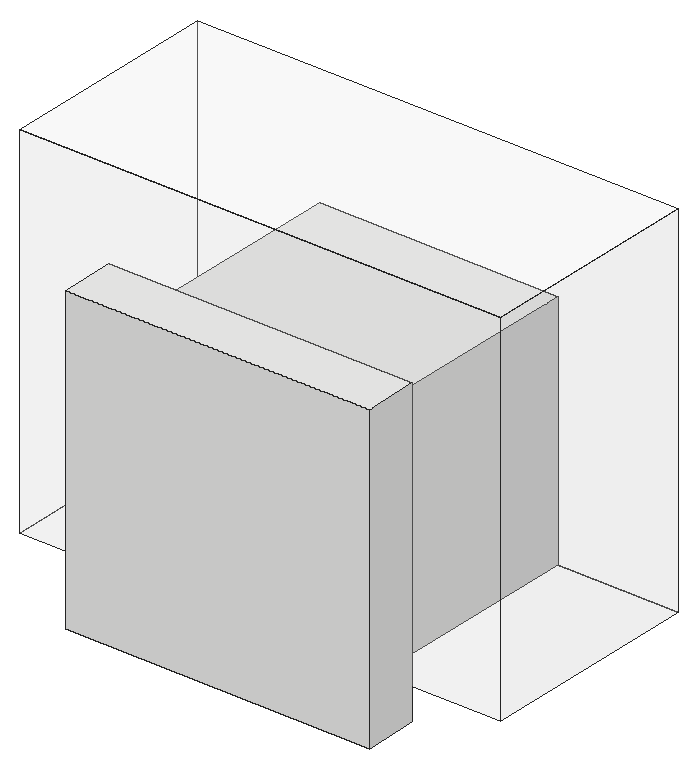
Revit family "vl-12(e)(r)k(h)(x)3-d_50Hz", category 機械設備, Revit 2019
Family settings
  丸型コネクタ寸法 = 直径を使用
  パーツ タイプ = 標準
  OmniClass 番号 = 23.75.35.17.27
  OmniClass タイトル = Centrifugal Fans
  作業面ベース = いいえ
  常に垂直 = はい
  ロード時にボイドで切り取り = いいえ
  共有 = いいえ
  部屋計算ポイント = いいえ
Parameters (values of type "VL-12RKX3-D")
  騒音レベル(dB(A)) [instance] = 38
  風量 [instance] = 100.0 m³/h
  電源種別 [instance] = ""
  電圧 = 100 V
  電動機出力 = 0 W
  電動機_種別 [instance] = ""
  運転質量 = 0.00 kg
  連動 [instance] = ""
  質量 = if(製品質量 > 運転質量, 製品質量, 運転質量) * 1.2  # 6.00 kg
  負荷分類 = 3_ファン類
  説明 = "換気空清機ロスナイ 寒冷地仕様 壁埋込30cm角穴取付"
  設計風量 [instance] = 0.0 m³/h
  設置方法 = "壁付"
  記号 [instance] = ""
  製造元 = "三菱電機株式会社"
  製品質量 = 5.00 kg
  製品出荷対象 = "国内"
  製品リリース年月 = "2019年5月16日"
  製品グループ = ""
  系統 [instance] = ""
  符号 [instance] = ""
  積算_科目 = "2 換気設備"
  積算_拾い区分 [instance] = ""
  相 = 1
  盤記号 [instance] = ""
  発停方法 [instance] = ""
  特殊仕様 [instance] = ""
  温度交換効率 = 55.00%
  メンテナンススペース = yes
  火災停止 [instance] = ""
  消費電力 = 30 W
  法定耐用年数 = "15"
  機外静圧 [instance] = 0.0 Pa
  極数 = 2
  材質 [instance] = ""
  操作・制御方式 = ""
  操作・制御スイッチ = ""
  排気量 [instance] = 0.0 m³/h
  形式 = ""
  幹線記号 [instance] = ""
  対象室 [instance] = ""
  実風量 [instance] = 0.0 m³/h
  始動方式 [instance] = "直入"
  外気量 [instance] = 0.0 m³/h
  呼称 = ""
  周波数 = 50 Hz
  参照している仕様書等のバージョン = ""
  分類コード = "50052504100030"
  分類グループ = ""
  価格 = 76200
  企業コード = "108420"
  付属品_防振装置 = ""
  付属品 [instance] = ""
  仕様書バージョン = "Version1.0"
  モデル = "VL-12RKX3-D"
  マテリアル = 合成樹脂(白)
  ファンの種類 = ""
  ダクト径 = 75 mm
  コメント [instance] = ""
  Keynote = ""
  Width = 295 mm
  W2 = if(Width / 2 < Depth, Width / 2, Depth)  # 147.5 mm
  W1 = 376 mm
  Version = ""
  Uniclass2015Version = "Systems v1.9"
  Uniclass2015Title = "Twin centrifugal fans"
  Uniclass2015Code = "Pr_65_67_29_89"
  URL = "https://www.mitsubishielectric.co.jp/ldg/wink/ssl/displayProduct.do?pid=300995"
  SpecificationReference = ""
  SpecificationDescription = ""
  SAサイズ_D = 75 mm
  Revision = ""
  ProductInformation = ""
  OmniClassCode = "23-33 31 19 13 13"
  MIN風量 = 65.0 m³/h
  MIN静圧 = 0.0 Pa
  MID風量 = 0.0 m³/h
  MID静圧 = 0.0 Pa
  MAX風量 = 100.0 m³/h
  MAX静圧 = 0.0 Pa
  IfcTypeProduct = ""
  IfcProduct = ""
  IfcExportType = "CENTRIFUGALBACKWARDINCLINEDCURVED"
  IfcExportAs = "IfcFanType"
  Height = 298 mm
  H1 = 376 mm
  EAサイズ_D = 75 mm
  Duct_Pitch = 350 mm
  Duct_H = 28 mm
  Depth = 276 mm
  D1 = 66 mm
  Clearance Top = 150 mm
  Clearance Right = 150 mm
  Clearance Left = 150 mm
  Clearance Front = 0 mm
  Clearance Bottom = 0 mm
  Clearance Back = 0 mm
  Author = "三菱電機株式会社"
Types (6, lengths in mm): name | 騒音レベル(dB(A)) | 風量 | 質量 | 製品質量 | 温度交換効率 | 消費電力 | 価格 | モデル | W1 | URL | MIN風量 | MAX風量 | H1 | D1
  VL-12EKH3-D | 29 | 62.0 m³/h | 5.40 kg | 4.50 kg | 60.00% | 18 W | 59400 | "VL-12EKH3-D" | 354 | "https://www.mitsubishielectric.co.jp/ldg/wink/ssl/displayProduct.do?pid=300984" | 0.0 m³/h | 62.0 m³/h | 346 | 25
  VL-12RKH3-D | 29 | 62.0 m³/h | 5.40 kg | 4.50 kg | 60.00% | 18 W | 66800 | "VL-12RKH3-D" | 354 | "https://www.mitsubishielectric.co.jp/ldg/wink/ssl/displayProduct.do?pid=300994" | 0.0 m³/h | 62.0 m³/h | 346 | 25
  VL-12K3-D | 39 | 100.0 m³/h | 5.40 kg | 4.50 kg | 55.00% | 30 W | 55600 | "VL-12K3-D" | 354 | "https://www.mitsubishielectric.co.jp/ldg/wink/ssl/displayProduct.do?pid=300991" | 65.0 m³/h | 100.0 m³/h | 346 | 25
  VL-12EK3-D | 39 | 100.0 m³/h | 5.40 kg | 4.50 kg | 55.00% | 30 W | 55600 | "VL-12EK3-D" | 354 | "https://www.mitsubishielectric.co.jp/ldg/wink/ssl/displayProduct.do?pid=300981" | 65.0 m³/h | 100.0 m³/h | 346 | 25
  VL-12EKX3-D | 38 | 100.0 m³/h | 6.00 kg | 5.00 kg | 55.00% | 30 W | 67400 | "VL-12EKX3-D" | 376 | "https://www.mitsubishielectric.co.jp/ldg/wink/ssl/displayProduct.do?pid=300986" | 65.0 m³/h | 100.0 m³/h | 376 | 66
  VL-12RKX3-D | 38 | 100.0 m³/h | 6.00 kg | 5.00 kg | 55.00% | 30 W | 76200 | "VL-12RKX3-D" | 376 | "https://www.mitsubishielectric.co.jp/ldg/wink/ssl/displayProduct.do?pid=300995" | 65.0 m³/h | 100.0 m³/h | 376 | 66
Reference planes
  plane 1 "中心(正面/背面)": y = 0
  plane 2: z = 0
  plane 3 "中心(左/右)": x = 0
  plane 4: x = 297.5
  plane 5: y = 276
  plane 6: y = 0
  plane 7: x = -147.5
  plane 8: x = 147.5
  plane 9: y = -66
  plane 10: z = 299
  plane 11: z = -149
  plane 12: x = -297.5
  plane 13: z = -149
  plane 14: y = 138
  plane 15: z = 149
  plane 16: z = -28
  plane 17: x = -73.75
  plane 18: x = 73.75
  plane 19: x = 175
  plane 20: x = -175
  plane 21: y = 276
  plane 22: x = -188
  plane 23: x = 188
  plane 24: z = 188
  plane 25: z = -188
Forms (mm)
  Extrusion 1, solid, material "合成樹脂(白)" <- "マテリアル", detail levels fine
    sketch origin (0, 0, 0) x (1, 0, 0) y (0, 1, 0)
      loop
        line (-147.5, 276) -> (-147.5, 0) -> (147.5, 0) -> (147.5, 276) -> (-147.5, 276)
    from -149 to 149
  Extrusion 2, solid, material "合成樹脂(白)" <- "マテリアル"
    sketch origin (0, 0, 0) x (1, 0, 0) y (0, 1, 0)
      loop
        line (-188, -66) -> (188, -66) -> (188, 0) -> (-188, 0) -> (-188, -66)
    from -188 to 188
Lines and regions (mm)
  Masking region 1, detail levels coarse+medium
    outline origin (2279.921, -68.194, 0) x (1, 0, 0) y (0, 1, 0)
      loop
        line (-2427.421, 344.194) -> (-2427.421, 68.194) -> (-2132.421, 68.194) -> (-2132.421, 344.194) -> (-2427.421, 344.194)
  symbolic lines, detail levels coarse+medium
    curve 1: circle (73.75, 138, 0) r 73.75 normal (0, 0, 1)
    curve 2: circle (-73.75, 138, 0) r 73.75 normal (0, 0, 1)
Dimensions and locks
  equal spacing: plane 7, plane 3 "中心(左/右)", plane 8
  "Width": plane 7 to plane 8
  "Clearance Left": plane 12 to plane 7
  "Clearance Right": plane 8 to plane 4
  "Clearance Bottom": plane 11 to plane 13
  "Height": plane 15 to plane 11
  "Clearance Top": plane 10 to plane 15
  equal spacing: plane 15, level, plane 11
  "Duct_H": level to plane 16
  equal spacing: plane 7, plane 17, plane 3 "中心(左/右)"
  equal spacing: plane 3 "中心(左/右)", plane 18, plane 8
  equal spacing: plane 20, plane 3 "中心(左/右)", plane 19
  "Duct_Pitch": plane 20 to plane 19
  "Clearance Back": plane 5 to plane 21
  equal spacing: plane 1 "中心(正面/背面)", plane 14, plane 21
  "Depth": plane 1 "中心(正面/背面)" to plane 21
  "Clearance Front": plane 6 to plane 1 "中心(正面/背面)"
  "D1": plane 1 "中心(正面/背面)" to plane 9
  equal spacing: plane 22, plane 3 "中心(左/右)", plane 23
  "W1": plane 22 to plane 23
  equal spacing: plane 24, level, plane 25
  "H1": plane 24 to plane 25
  "W2": diameter of curve 2
  "W2": diameter of curve 1
  aligned and locked: level to plane 2
  aligned and locked: plane 8 to Extrusion 1
  aligned and locked: Extrusion 1 to plane 7
  aligned and locked: Extrusion 1 to plane 11
  aligned and locked: plane 15 to Extrusion 1
  aligned and locked: nested 1 to plane 6
  aligned and locked: nested 1 to plane 5
  aligned and locked: plane 12 to nested 1
  aligned and locked: plane 4 to nested 1
  aligned and locked: plane 13 to nested 1
  aligned and locked: plane 10 to nested 1
  aligned and locked: Masking region 1 to plane 7
  aligned and locked: plane 8 to Masking region 1
  aligned and locked: plane 21 to Masking region 1
  aligned and locked: plane 21 to Extrusion 1
  aligned and locked: plane 1 "中心(正面/背面)" to Extrusion 1
  aligned and locked: plane 1 "中心(正面/背面)" to Masking region 1
  aligned and locked: Extrusion 2 sketch curve to plane 9
  aligned and locked: Extrusion 2 sketch curve to plane 22
  aligned and locked: Extrusion 2 sketch curve to plane 1 "中心(正面/背面)"
  aligned and locked: plane 23 to Extrusion 2 sketch curve
  aligned and locked: Extrusion 2 to plane 25
  aligned and locked: plane 24 to Extrusion 2
Automatic sketch dimensions
  Extrusion 1 sketch curve to plane 3 "中心(左/右)" = 147.5 mm
  plane 3 "中心(左/右)" to Extrusion 1 sketch curve = 147.5 mm
  plane 1 "中心(正面/背面)" to Extrusion 1 sketch curve = 0 mm
  Extrusion 1 sketch curve to plane 1 "中心(正面/背面)" = 276 mm
  Masking region 1 sketch curve to plane 4 = 445 mm
  Masking region 1 sketch curve to Masking region 1 sketch curve = 295 mm
  plane 6 to Masking region 1 sketch curve = 0 mm
  plane 14 to Masking region 1 sketch curve = 138 mm
  curve 2 to plane 14 = 0 mm
  curve 2 to plane 17 = 0 mm
  curve 1 to plane 14 = 0 mm
  curve 1 to plane 18 = 0 mm
Nested families
  nested 1: "メンテナンススペース" at (0, 138, 75), visible <- "メンテナンススペース", type "メンテナンススペース"
    with Width 595 mm, Height 448 mm, Depth 276 mm
Connectors
  electrical at (-188, -33, 0), driven by "極数", driven by "負荷分類", driven by "電圧", driven by "消費電力"
    settings: on Extrusion 2, index 1, voltage 100 V, apparent load 30 VA, apparent load phase1 0 VA, apparent load phase2 0 VA, apparent load phase3 0 VA, power factor 1, load classification "3_ファン類", number of poles 2, system type 30, power factor state 1, is connector primary yes, connector utility no, sub classification motor no, connector description ""
Definition of nested family "メンテナンススペース"
  Parameters (values of type "メンテナンススペース")
    Width [instance] = 500 mm
    Height [instance] = 500 mm
    Depth [instance] = 500 mm
  Reference planes
    plane 1 "中心(正面/背面)": y = 0
    plane 2: z = 0
    plane 3 "中心(左/右)": x = 0
    plane 4: y = -250
    plane 5: x = 250
    plane 6: y = 250
    plane 7: x = -250
    plane 8: z = 250
    plane 9: z = -250
  Forms (mm)
    Extrusion 1, solid
      sketch origin (-638.939, 0, 72.39) x (1, 0, 0) y (0, 1, 0)
        loop
          line (388.939, 250) -> (388.939, -250) -> (888.939, -250) -> (888.939, 250) -> (388.939, 250)
      from -322.39 to 177.61
  Lines and regions (mm)
    symbolic lines
      curve 1: line (-250, 0, 250) -> (250, 0, 250)
      curve 2: line (-250, 0, -250) -> (-250, 0, 250)
      curve 3: line (250, 0, -250) -> (-250, 0, -250)
      curve 4: line (250, 0, 250) -> (250, 0, -250)
      curve 5: line (0, -250, 250) -> (0, 250, 250)
      curve 6: line (0, -250, -250) -> (0, -250, 250)
      curve 7: line (0, 250, -250) -> (0, -250, -250)
      curve 8: line (0, 250, 250) -> (0, 250, -250)
      curve 9: line (-250, 250, 0) -> (250, 250, 0)
      curve 10: line (-250, -250, 0) -> (-250, 250, 0)
      curve 11: line (250, -250, 0) -> (-250, -250, 0)
      curve 12: line (250, 250, 0) -> (250, -250, 0)
  Dimensions and locks
    equal spacing: plane 7, plane 3 "中心(左/右)", plane 5
    equal spacing: plane 4, plane 1 "中心(正面/背面)", plane 6
    "Depth": plane 4 to plane 6
    "Width": plane 7 to plane 5
    equal spacing: plane 8, plane 2, plane 9
    "Height": plane 8 to plane 9
    aligned and locked: plane 9 to curve 3
    aligned and locked: plane 7 to curve 2
    aligned and locked: curve 4 to plane 5
    aligned and locked: plane 5 to Extrusion 1
    aligned and locked: Extrusion 1 to plane 7
    aligned and locked: Extrusion 1 to plane 9
    aligned and locked: plane 8 to Extrusion 1
    aligned and locked: plane 9 to curve 7
  Automatic sketch dimensions
    plane 4 to Extrusion 1 sketch curve = 0 mm
    Extrusion 1 sketch curve to plane 7 = 0 mm
    Extrusion 1 sketch curve to plane 5 = 0 mm
    plane 6 to Extrusion 1 sketch curve = 0 mm
    curve 2 to plane 8 = 0 mm
    plane 4 to curve 11 = 0 mm
    curve 11 to plane 7 = 0 mm
    curve 11 to plane 5 = 0 mm
    plane 6 to curve 10 = 0 mm
    curve 7 to plane 4 = 0 mm
    curve 7 to plane 6 = 0 mm
    curve 6 to plane 8 = 0 mm
